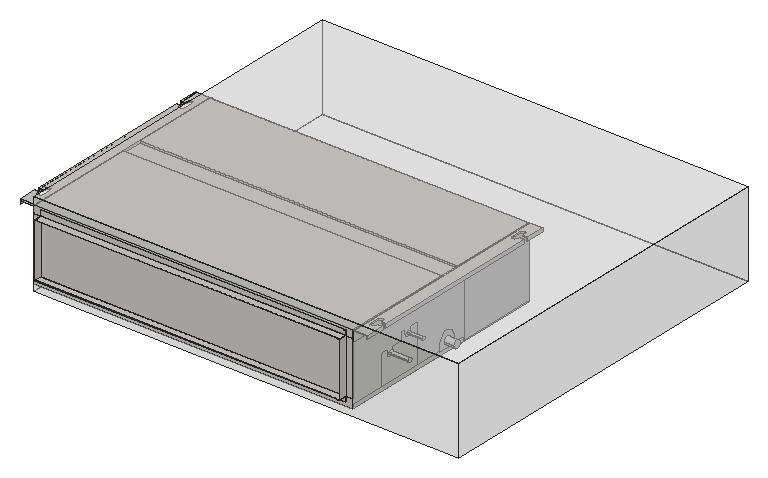
Revit family "outputfile", category 機械設備, Revit 2024
Family settings
  丸型コネクタ寸法 = 半径を使用
  パーツ タイプ = 標準
  OmniClass 番号 = 23.75.10.24.21.27.27
  OmniClass タイトル = Split System Air Conditioning Units
  作業面ベース = いいえ
  常に垂直 = はい
  ロード時にボイドで切り取り = いいえ
  注釈の向きを維持 = いいえ
  共有 = いいえ
  部屋計算ポイント = はい
Parameters (values of type "CDXM25RVM4")
  Description = ""
  書き出し IFC クラス(タイプ) = "IfcUnitaryEquipmentType"
  定義済み IFC タイプ(タイプ) = "AIRCONDITIONINGUNIT"
  Cost = 0
  Type Comments = ""
  Keynote = ""
  Type Image = (empty or 0)
  Assembly Code = ""
  switch_frequency = yes
  ld_powersupply = Depth / 2  # 310.0 mm
  製造元 = "Daikin"
  モデル = "CDXM25RVM4"
  r_Liquid Pipe Size = Liquid Pipe Size / 2  # 3.2 mm
  r_Gas Pipe Size = Gas Pipe Size / 2  # 4.75 mm
  r_Drain Pipe Size = Drain Pipe Size / 2  # 10.0 mm
  lw_powersupply = 50.0 mm  # constant formula
  lw_ductflange2 = 820.0 mm
  lw_Width = 860.0 mm
  lh_suctionflange [instance] = 100.0 mm  # constant formula
  ld_suctionflange [instance] = if(Rear Connection_Return Air, 190.0 mm, 100.0 mm)  # 190.0 mm
  connector_voltage = Voltage_50Hz  # 230 V
  connector_powerinput = if([Power Input (Cooling)] > [Power Input (Heating)], [Power Input (Cooling)], [Power Input (Heating)])  # 0.000 kW
  connector_phase = Phase_50Hz  # 1
  angle_vertical_RA [instance] = if(Rear Connection_Return Air, 90.00°, 0.00°)  # 90.00°
  angle horizontal_RA [instance] = if(Rear Connection_Return Air, 180.00°, 270.00°)  # 180.00°
  Voltage_comment_50Hz = "220 - 240"
  Voltage_50Hz = 230 V
  URL = ""
  Supply Air Direction [instance] = yes
  Sound Power Level_H speed (dB) = 0
  Rear Connection_Return Air [instance] = not(Bottom Connection_Return Air)  # yes
  RA_length [instance] = if(Rear Connection_Return Air, 190.0 mm, 100.0 mm)  # 190.0 mm
  Phase_50Hz = 1
  Minimum External Static Pressure = 0.00 Pa
  Minimum Circuit Amps_50Hz = 0.0 A
  Maximum Fuse Amps_50Hz = 0.0 A
  Maximum External Static Pressure = 40.00 Pa
  Material_Casing = DAIKIN_GalvanizedSteel_Casing_indoorunit
  lw_liquidpipe = 46.0 mm  # constant formula
  lw_gaspipe = 57.0 mm  # constant formula
  lw_mountinghole = 940.0 mm
  lw_drainpipe = 30.0 mm  # constant formula
  lh_powersupply = 150.0 mm  # constant formula
  lh_liquidpipe = 90.0 mm  # constant formula
  lh_gaspipe = 113.0 mm  # constant formula
  lh_mountinghole = Height  # 200.0 mm
  lh_drainpipe = 170.0 mm  # constant formula
  lh_antena = 1.0 mm  # constant formula
  ld_liquidpipe = 193.0 mm  # constant formula
  ld_gaspipe = 130.0 mm  # constant formula
  ld_mountinghole = 500.0 mm  # constant formula
  ld_drainpipe = 330.0 mm  # constant formula
  ld_controlbox = 626.0 mm  # constant formula
  h*** = 0.0 mm  # constant formula
  d_dischargeflange = 21.2 mm  # constant formula
  Width = 900.0 mm
  Version = "ver.1.0"
  Unit Type = "Duct (L.S.P)"
  Unit Mass Weight = 25.00 kg
  Unit Designation [instance] = ""
  Uniclass2015Version = "Products v1.30"
  Uniclass2015Title = "Split coil room air conditioning units"
  Uniclass2015Code = "Pr_70_65_03_86"
  Total Heating Capacity [instance] = 0.000 kW
  Total Cooling Capacity [instance] = 0.000 kW
  Sound Pressure Level_M speed (dBA) = 33
  Sound Pressure Level_L speed (dBA) = 31
  Sound Pressure Level_H speed (dBA) = 35
  Series = "Multi Split_Fan Coil Unit"
  Sensible Cooling Capacity [instance] = 0.000 kW
  SA Duct Size Width = 860.0 mm
  SA Duct Size Height = 153.0 mm
  Refrigerant Type = "R32"
  RA Duct Size Width = 780.0 mm
  RA Duct Size Height = 160.0 mm
  Power Input (Heating) = 0.000 kW
  Power Input (Cooling) = 0.000 kW
  Option Accessory 3 [instance] = ""
  Option Accessory 2 [instance] = ""
  Option Accessory 1 [instance] = ""
  Nominal Heating Capacity = 3.400 kW
  Nominal Cooling Capacity = 2.500 kW
  Minimum Airflow = 480.00 m³/h
  Median Airflow = 528.00 m³/h
  Maximum Airflow = 570.00 m³/h
  Load Classification = HVAC
  Liquid Pipe Size = 6.4 mm
  Link_Nested Family [instance] = ""
  IfcVersion = ""
  IfcExportType = "AIRCONDITIONINGUNIT"
  IfcExportAs = "IfcUnitaryEquipmentType"
  Height = 200.0 mm
  Heating Entering Wet Bulb Temperature [instance] = 0.00 °C
  Heating Entering Dry Bulb Temperature [instance] = 0.00 °C
  Heating Ambient Wet Bulb Temperature [instance] = 0.00 °C
  Heating Ambient Dry Bulb Temperature [instance] = 0.00 °C
  Heat Exchanger Type = "Cross Fin Coil"
  Gas Pipe Size = 9.5 mm
  Frequency_50Hz = 50 Hz
  Fan Type = "Sirocco Fan"
  Fan Drive = "Direct Drive"
  FCU Tag No. [instance] = ""
  Drain Pipe Size = 20.0 mm
  Design Supply Airflow [instance] = 0.00 m³/h
  Design Return Airflow [instance] = 0.00 m³/h
  Design External Static Pressure [instance] = 0.00 Pa
  Depth = 620.0 mm
  既定の高さ = 0.0 mm
  Cooling Entering Wet Bulb Temperature [instance] = 0.00 °C
  Cooling Entering Dry Bulb Temperature [instance] = 0.00 °C
  Cooling Ambient Wet Bulb Temperature [instance] = 0.00 °C
  Cooling Ambient Dry Bulb Temperature [instance] = 0.00 °C
  Clearance visibility [instance] = yes
  Clearance Top = 20.0 mm
  Clearance Right = 300.0 mm
  Clearance Rear = 400.0 mm
  Clearance Left = 0.0 mm
  Clearance Front = 0.0 mm
  Clearance Bottom = 20.0 mm
  Bottom Connection_Return Air [instance] = no
Reference planes
  plane 1 "Center (Front/Back)": y = 0
  plane 2: z = 0
  plane 3 "Center (Left/Right)": x = 0
  plane 4 "Back": y = 310
  plane 5 "Front": y = -310
  plane 6 "Left": x = -450
  plane 7 "Right": x = 450
  plane 8 "Top": z = 0
  plane 9 "Bottom": z = -200
  plane 10: x = -470
  plane 11: x = 470
  plane 12: y = 250
  plane 13: z = 0
  plane 14 "Clearance Left": x = -450
  plane 15 "Clearance Right": x = 750
  plane 16 "Clearance Rear": y = 710
  plane 17 "Clearance Front": y = -310
  plane 18 "Clearance Top": z = 20
  plane 19 "Clearance Bottom": z = -220
  plane 20: y = -250
  plane 21: z = -21
  plane 22: z = -97.5
  plane 23: x = -40
  plane 24: y = 120
  plane 25: z = -100
  plane 26: y = -180
  plane 27: z = -113
  plane 28: y = -117
  plane 29: z = -90
  plane 30: y = 20
  plane 31: z = -170
  plane 32: x = 507
  plane 33: x = 496
  plane 34: x = 480
  plane 35: x = 400
  plane 36: z = -150
Forms (mm)
  Extrusion 1, solid, material "DAIKIN_GalvanizedSteel_Casing_indoorunit" <- "Material_Casing"
    sketch origin (0, 0, 0) x (1, 0, 0) y (0, 1, 0)
      loop
        line (-450, -310) -> (450, -310) -> (450, 310) -> (-450, 310) -> (-450, -310)
    from -200 to 0
  Extrusion 2, void
    sketch origin (0, 0, 1) x (1, 0, 0) y (0, 1, 0)
      loop
        line (-450, 61.5) -> (-450, 3.5) -> (450, 3.5) -> (450, 61.5) -> (-450, 61.5)
    from -1 to -7
  Extrusion 3, solid, material "DAIKIN_GalvanizedSteel_Casing_indoorunit" <- "Material_Casing", visible <- "Bottom Connection_Return Air"
    sketch origin (0, 0, 0) x (1, 0, 0) y (0, 0, 1)
      loop
        line (369, -200) -> (369, -1) -> (-449, -1) -> (-449, -200) -> (369, -200)
    from -310 to -309
  Extrusion 4, solid, material "DAIKIN_GalvanizedSteel_Casing_indoorunit" <- "Material_Casing", visible <- "Rear Connection_Return Air"
    sketch origin (0, 0, 0) x (1, 0, 0) y (0, 1, 0)
      loop
        line (-449, 310) -> (-449, 111) -> (369, 111) -> (369, 310) -> (-449, 310)
    from -200 to -199
  Extrusion 5, solid, material "DAIKIN_GalvanizedSteel_Casing_indoorunit" <- "Material_Casing"
    sketch origin (450, 0, 0) x (0, 1, 0) y (0, 0, 1)
      loop
        circle (-180, -113) r 4.75
    from 0 to 57
  Extrusion 6, solid, material "DAIKIN_GalvanizedSteel_Casing_indoorunit" <- "Material_Casing"
    sketch origin (450, 0, 0) x (0, 1, 0) y (0, 0, 1)
      loop
        circle (-117, -90) r 3.2
    from 0 to 46
  Extrusion 7, solid, material "DAIKIN_GalvanizedSteel_Casing_indoorunit" <- "Material_Casing"
    sketch origin (450, 0, 0) x (0, 1, 0) y (0, 0, 1)
      loop
        circle (20, -170) r 10
    from 0 to 30
  Extrusion 8, solid, material "DAIKIN_GalvanizedSteel_Casing_indoorunit" <- "Material_Casing"
    sketch origin (450, 0, 0) x (0, 1, 0) y (0, 0, 1)
      loop
        line (-310, -200) -> (78.6, -200) -> (78.6, -193)
        arc (78.6, -193) -> (77.721, -190.879) -> (75.6, -190) r 3
        line (75.6, -190) -> (-310, -190) -> (-310, -200)
    from 0 to -1
  Extrusion 9, solid, material "DAIKIN_GalvanizedSteel_Casing_indoorunit" <- "Material_Casing"
    sketch origin (450, 0, 0) x (0, 1, 0) y (0, 0, 1)
      loop
        line (-210, -190) -> (-85.6, -190) -> (-85.6, -83)
        arc (-85.6, -83) -> (-86.479, -80.879) -> (-88.6, -80) r 3
        line (-88.6, -80) -> (-102, -80)
        arc (-102, -80) -> (-104.121, -80.879) -> (-105, -83) r 3
        line (-105, -83) -> (-105, -90)
        arc (-105, -90) -> (-117, -102) -> (-129, -90) r 12
        line (-129, -90) -> (-129, -83)
        arc (-129, -83) -> (-129.879, -80.879) -> (-132, -80) r 3
        line (-132, -80) -> (-136.1, -80)
        arc (-136.1, -80) -> (-138.221, -80.879) -> (-139.1, -83) r 3
        line (-139.1, -83) -> (-139.1, -102.7) -> (-165, -102.7)
        arc (-165, -102.7) -> (-167.121, -103.579) -> (-168, -105.7) r 3
        line (-168, -105.7) -> (-168, -113)
        arc (-168, -113) -> (-180, -125) -> (-192, -113) r 12
        line (-192, -113) -> (-192, -105.7)
        arc (-192, -105.7) -> (-192.879, -103.579) -> (-195, -102.7) r 3
        line (-195, -102.7) -> (-207, -102.7)
        arc (-207, -102.7) -> (-209.121, -103.579) -> (-210, -105.7) r 3
        line (-210, -105.7) -> (-210, -190)
    from 0 to -1
  Extrusion 10, solid, material "DAIKIN_GalvanizedSteel_Casing_indoorunit" <- "Material_Casing"
    sketch origin (450, 0, 0) x (0, 1, 0) y (0, 0, 1)
      loop
        arc (44.5, -170) -> (20, -145.5) -> (-4.5, -170) r 24.5
        line (-4.5, -170) -> (-4.5, -190) -> (44.5, -190) -> (44.5, -170)
    from 0 to -1
  Extrusion 11, solid, material "DAIKIN_GalvanizedSteel_Casing_indoorunit" <- "Material_Casing"
    sketch origin (450, 0, 0) x (0, 1, 0) y (0, 0, 1)
      loop
        arc (86.6, -22) -> (84.479, -22.879) -> (83.6, -25) r 3
        line (83.6, -25) -> (83.6, -194.5)
        arc (83.6, -194.5) -> (84.479, -196.621) -> (86.6, -197.5) r 3
        line (86.6, -197.5) -> (307, -197.5)
        arc (307, -197.5) -> (309.121, -196.621) -> (310, -194.5) r 3
        line (310, -194.5) -> (310, -25)
        arc (310, -25) -> (309.121, -22.879) -> (307, -22) r 3
        line (307, -22) -> (86.6, -22)
    from 0 to -1
Cuts and joins
  Extrusion 2 cuts Extrusion 1
Dimensions and locks
  "Height": plane 8 "Top" to plane 9 "Bottom"
  equal spacing: plane 10, plane 3 "Center (Left/Right)", plane 11
  "lw_mountinghole": plane 10 to plane 11
  equal spacing: plane 6 "Left", plane 3 "Center (Left/Right)", plane 7 "Right"
  "Width": plane 6 "Left" to plane 7 "Right"
  "Clearance Right": plane 7 "Right" to plane 15 "Clearance Right"
  "Clearance Left": plane 14 "Clearance Left" to plane 6 "Left"
  "Clearance Rear": plane 16 "Clearance Rear" to plane 4 "Back"
  "Clearance Front": plane 5 "Front" to plane 17 "Clearance Front"
  "Clearance Top": plane 18 "Clearance Top" to plane 8 "Top"
  "Clearance Bottom": plane 9 "Bottom" to plane 19 "Clearance Bottom"
  "Depth": plane 4 "Back" to plane 5 "Front"
  equal spacing: plane 4 "Back", plane 1 "Center (Front/Back)", plane 5 "Front"
  Extrusion 3 sketch curve to Extrusion 3 sketch curve = 199.0 mm
  locked: plane 20 to plane 5 "Front" at 60
  "ld_mountinghole": plane 12 to plane 20
  locked: plane 8 "Top" to plane 21 at 21
  locked: plane 23 to plane 3 "Center (Left/Right)" at 40
  "ld_suctionflange": plane 4 "Back" to plane 24
  "lh_suctionflange": plane 8 "Top" to plane 25
  "ld_gaspipe": plane 26 to plane 5 "Front"
  "lh_gaspipe": plane 8 "Top" to plane 27
  "ld_liquidpipe": plane 28 to plane 5 "Front"
  "lh_liquidpipe": plane 8 "Top" to plane 29
  "ld_drainpipe": plane 30 to plane 5 "Front"
  "lh_drainpipe": plane 8 "Top" to plane 31
  "lw_gaspipe": plane 7 "Right" to plane 32
  "lw_liquidpipe": plane 7 "Right" to plane 33
  "lw_drainpipe": plane 7 "Right" to plane 34
  "lw_powersupply": plane 35 to plane 7 "Right"
  "lh_powersupply": plane 8 "Top" to plane 36
  "r_Gas Pipe Size": radius of Extrusion 5 sketch curve
  "r_Liquid Pipe Size": radius of Extrusion 6 sketch curve
  "r_Drain Pipe Size": radius of Extrusion 7 sketch curve
  aligned and locked: level to plane 2
  aligned and locked: Extrusion 1 to plane 9 "Bottom"
  aligned and locked: plane 8 "Top" to Extrusion 1
  aligned and locked: plane 11 to nested 2
  aligned and locked: plane 10 to nested 3
  aligned and locked: plane 10 to nested 4
  aligned and locked: plane 8 "Top" to Extrusion 2
  aligned and locked: plane 9 "Bottom" to Extrusion 4  (x2)
  aligned and locked: plane 7 "Right" to cut or joined group of Extrusion 1, Extrusion 2  (x2)
  aligned and locked: plane 3 "Center (Left/Right)" to nested 9
  aligned and locked: plane 6 "Left" to nested 7
  aligned and locked: plane 8 "Top" to nested 9
  aligned and locked: plane 11 to nested 1
  aligned and locked: nested 6 to plane 1 "Center (Front/Back)"
  aligned and locked: plane 3 "Center (Left/Right)" to nested 6
  aligned and locked: level to plane 8 "Top"
  aligned and locked: plane 1 "Center (Front/Back)" to nested 9
  aligned and locked: plane 5 "Front" to nested 10
  aligned and locked: Extrusion 1 sketch curve to plane 5 "Front"
  aligned and locked: plane 21 to nested 10
  aligned and locked: nested 5 to plane 5 "Front"
  aligned and locked: plane 3 "Center (Left/Right)" to nested 5
  aligned and locked: plane 22 to nested 5
  aligned and locked: Extrusion 2 sketch curve to plane 6 "Left"
  aligned and locked: plane 7 "Right" to Extrusion 2 sketch curve
  aligned and locked: nested 11 to plane 23
  aligned and locked: nested 11 to plane 24
  aligned and locked: plane 27 to Extrusion 5 sketch curve
  aligned and locked: plane 26 to Extrusion 5 sketch curve
  aligned and locked: plane 28 to Extrusion 6 sketch curve
  aligned and locked: plane 29 to Extrusion 6 sketch curve
  aligned and locked: plane 31 to Extrusion 7 sketch curve
  aligned and locked: plane 30 to Extrusion 7 sketch curve
  aligned and locked: plane 26 to nested 12
  aligned and locked: nested 12 to plane 27
  aligned and locked: plane 32 to Extrusion 5
  aligned and locked: plane 32 to nested 12
  aligned and locked: plane 33 to Extrusion 6
  aligned and locked: plane 28 to nested 13
  aligned and locked: nested 13 to plane 29
  aligned and locked: plane 33 to nested 13
  aligned and locked: plane 34 to Extrusion 7
  aligned and locked: plane 30 to nested 14
  aligned and locked: nested 14 to plane 31
  aligned and locked: plane 34 to nested 14
  aligned and locked: Extrusion 8 sketch curve to plane 9 "Bottom"
  aligned and locked: Extrusion 8 sketch curve to plane 5 "Front"
  aligned and locked: plane 14 "Clearance Left" to nested 15
  aligned and locked: plane 15 "Clearance Right" to nested 15
  aligned and locked: plane 16 "Clearance Rear" to nested 15
  aligned and locked: nested 15 to plane 17 "Clearance Front"
  aligned and locked: nested 15 to plane 18 "Clearance Top"
  aligned and locked: nested 15 to plane 19 "Clearance Bottom"
  aligned and locked: nested 16 to plane 35
  aligned and locked: nested 16 to plane 36
  aligned and locked: plane 4 "Back" to nested 16
Automatic sketch dimensions
  Extrusion 1 sketch curve to plane 4 "Back" = 0.0 mm
  Extrusion 1 sketch curve to plane 6 "Left" = 0.0 mm
  Extrusion 1 sketch curve to plane 7 "Right" = 0.0 mm
  Extrusion 4 sketch curve to plane 4 "Back" = 0.0 mm
  plane 6 "Left" to Extrusion 3 sketch curve = 1.0 mm
  plane 6 "Left" to Extrusion 4 sketch curve = 1.0 mm
  Extrusion 4 sketch curve to plane 1 "Center (Front/Back)" = 111.0 mm
  Extrusion 3 sketch curve to plane 9 "Bottom" = 0.0 mm
  Extrusion 3 sketch curve to plane 7 "Right" = 81.0 mm
  Extrusion 4 sketch curve to plane 7 "Right" = 81.0 mm
  Extrusion 2 sketch curve to plane 1 "Center (Front/Back)" = 3.5 mm
  Extrusion 2 sketch curve to Extrusion 2 sketch curve = 58.0 mm
  plane 9 "Bottom" to Extrusion 8 sketch curve = 7.0 mm
  Extrusion 8 sketch curve to plane 24 = 44.4 mm
  Extrusion 8 sketch curve to Extrusion 8 sketch curve = 3.0 mm
  Extrusion 9 sketch curve to plane 27 = 0.0 mm
  Extrusion 9 sketch curve to plane 26 = 0.0 mm
  Extrusion 9 sketch curve to plane 29 = 0.0 mm
  Extrusion 9 sketch curve to plane 28 = 0.0 mm
  Extrusion 9 sketch curve to plane 26 = 12.0 mm
  Extrusion 9 sketch curve to plane 25 = 2.7 mm  (x2)
  Extrusion 9 sketch curve to Extrusion 9 sketch curve = 3.0 mm  (x6)
  Extrusion 9 sketch curve to Extrusion 9 sketch curve = 12.0 mm
  plane 9 "Bottom" to Extrusion 9 sketch curve = 10.0 mm
  Extrusion 9 sketch curve to plane 26 = 30.0 mm
  Extrusion 9 sketch curve to plane 28 = 22.1 mm
  Extrusion 9 sketch curve to Extrusion 9 sketch curve = 4.1 mm
  plane 29 to Extrusion 9 sketch curve = 7.0 mm  (x2)
  Extrusion 9 sketch curve to Extrusion 9 sketch curve = 13.4 mm
  Extrusion 10 sketch curve to plane 30 = 0.0 mm
  Extrusion 10 sketch curve to plane 31 = 0.0 mm
  plane 1 "Center (Front/Back)" to Extrusion 10 sketch curve = 4.5 mm
  plane 9 "Bottom" to Extrusion 10 sketch curve = 10.0 mm
  Extrusion 11 sketch curve to plane 4 "Back" = 0.0 mm
  Extrusion 11 sketch curve to Extrusion 11 sketch curve = 3.0 mm  (x3)
  Extrusion 11 sketch curve to plane 21 = 1.0 mm
  Extrusion 11 sketch curve to plane 21 = 4.0 mm
  Extrusion 11 sketch curve to plane 24 = 33.4 mm
  plane 9 "Bottom" to Extrusion 11 sketch curve = 5.5 mm
Nested families
  nested 1: "daikin_mountinghole" at (470, 250, -200), l_antenna <- "lh_antena", Link_Nested Family <- "Link_Nested Family", h_mountinghole <- "lh_mountinghole", type "daikin_mountinghole"
    with show yes, l_antenna 1.0 mm, h_mountinghole 200.0 mm, Link_Nested Family ""
  nested 2: "daikin_mountinghole" at (470, -250, -200), Link_Nested Family <- "Link_Nested Family", l_antenna <- "lh_antena", h_mountinghole <- "lh_mountinghole", type "daikin_mountinghole"
    with show yes, l_antenna 1.0 mm, h_mountinghole 200.0 mm, Link_Nested Family ""
  nested 3: "daikin_mountinghole" at (-470, -250, -200), l_antenna <- "lh_antena", Link_Nested Family <- "Link_Nested Family", h_mountinghole <- "lh_mountinghole", type "daikin_mountinghole"
    with show yes, l_antenna 1.0 mm, h_mountinghole 200.0 mm, Link_Nested Family ""
  nested 4: "daikin_mountinghole" at (-470, 250, -200), l_antenna <- "lh_antena", Link_Nested Family <- "Link_Nested Family", h_mountinghole <- "lh_mountinghole", type "daikin_mountinghole"
    with show yes, l_antenna 1.0 mm, h_mountinghole 200.0 mm, Link_Nested Family ""
  nested 5: "daikin_connector_rotate2" at (0, -310, -97.5), length <- "d_dischargeflange", type "daikin_connector_rotate2"
    with radius 10.0 mm, length 21.2 mm, angle_vertical 90.00°, show_face no
  nested 6: "daikin_△_symbolicline" at (-75, -129.904, 200) x (-0.5, 0.866, 0) z (0, 0, 1), built-in parameter 1001364 <- "Height", visible <- "Supply Air Direction", type "daikin_△_symbolicline"
    with length 300.0 mm
  nested 7: "daikin_ductflange_CDXM-RVM4_1" at (-40, 310, -100), visible <- "Rear Connection_Return Air", material <- "Material_Casing", width <- "lw_ductflange2", type "daikin_ductflange_CDXM-RVM4_1"
    with width 820.0 mm, material DAIKIN_GalvanizedSteel_Casing_indoorunit, height 180.0 mm, depth 21.2 mm
  nested 8: "daikin_ductflange_CDXM-RVM4_1" at (-40, 210, -200) x (1, 0, 0) z (0, 1, 0), visible <- "Bottom Connection_Return Air", material <- "Material_Casing", width <- "lw_ductflange2", type "daikin_ductflange_CDXM-RVM4_1"
    with width 820.0 mm, material DAIKIN_GalvanizedSteel_Casing_indoorunit, height 180.0 mm, depth 21.2 mm
  nested 9: "daikin_hangerfixture_CDXM-RVM4" at (0, 0, 0), type "daikin_hangerfixture_CDXM-RVM4"
    with width 900.0 mm
  nested 10: "daikin_ductflange_CDXM-RVM4" at (0, 3.5, -364.201), width <- "lw_Width", material <- "Material_Casing", type "daikin_ductflange_CDXM-RVM4"
    with width 860.0 mm, material DAIKIN_GalvanizedSteel_Casing_indoorunit, height 155.0 mm, depth 21.2 mm
  nested 11: "daikin_connector_rotate3" at (-40, 120, -100), length <- "RA_length", angle_vertical <- "angle_vertical_RA", angle_horizontal <- "angle horizontal_RA", type "daikin_connector_rotate3"
    with show no, radius 10.0 mm, length 190.0 mm, angle_vertical 90.00°, angle_horizontal 180.00°
  nested 12: "daikin_connector_rotate2" at (450, -180, -113) x (0, 1, 0) z (0, 0, 1), length <- "lw_gaspipe", radius <- "r_Gas Pipe Size", type "daikin_connector_rotate2"
    with radius 4.75 mm, length 57.0 mm, angle_vertical 90.00°, show_face no
  nested 13: "daikin_connector_rotate2" at (450, -117, -90) x (0, 1, 0) z (0, 0, 1), radius <- "r_Liquid Pipe Size", length <- "lw_liquidpipe", type "daikin_connector_rotate2"
    with radius 3.2 mm, length 46.0 mm, angle_vertical 90.00°, show_face no
  nested 14: "daikin_connector_rotate2" at (450, 20, -170) x (0, 1, 0) z (0, 0, 1), radius <- "r_Drain Pipe Size", length <- "lw_drainpipe", type "daikin_connector_rotate2"
    with radius 10.0 mm, length 30.0 mm, angle_vertical 90.00°, show_face no
  nested 15: "daikin_clearancespace" at (150, 200, -99.881), visible <- "Clearance visibility", Link_Nested Family <- "Link_Nested Family", show <- "Clearance visibility", type "daikin_clearancespace"
    with width 1200.0 mm, show yes, height 240.0 mm, depth 1020.0 mm, Link_Nested Family ""
  nested 16: "daikin_connector_rotate2" at (400, 0, -150) x (-1, 0, 0) z (0, 0, 1), length <- "ld_powersupply", type "daikin_connector_rotate2"
    with radius 10.0 mm, length 310.0 mm, angle_vertical 90.00°, show_face no
Connectors
  hvac at (0, -331.2, -97.5), driven by "SA Duct Size Height", driven by "SA Duct Size Width"
    settings: on nested 5, index 1, duct flow 0.00 m³/h, flow factor 0, pres drop 0.00 Pa, loss coef 0, conn angle 0.00°, conn width 860.0 mm, conn height 153.0 mm, conn diameter 609.6 mm, duct sys type 1, conn prof type 1, flow config 0, flow direction 2, loss method 4, conn ref index -1, conn util no, is conn primary yes, conn desc "SA Duct"
  hvac at (-40, 310, -100), driven by "RA Duct Size Height", driven by "RA Duct Size Width"
    settings: on nested 11, index 2, duct flow 0.00 m³/h, flow factor 0, pres drop 0.00 Pa, loss coef 0, conn angle 0.00°, conn width 780.0 mm, conn height 160.0 mm, conn diameter 609.6 mm, duct sys type 2, conn prof type 1, flow config 0, flow direction 1, loss method 4, conn ref index -1, conn util no, is conn primary no, conn desc "RA Duct"
  piping at (507, -180, -113), diameter 9.5, driven by "r_Gas Pipe Size"
    settings: on nested 12, index 3, connector inside diameter 609.6 mm, connector length 0.0 mm, flow factor 0, pipe flow 0.00 m³/h, pressure drop 0.0 Pa, fitting loss kfactor 0, connector angle 0.00°, fixture units 0, engagement length 0.0 mm, angle of deflection 0.00°, flow configuration 1, flow direction 2, fitting loss method 0, system type 29, joint type 0, gender type 0, connector reference index -1, connector utility 0, adjustable connector no, is connector primary yes, connector description "Refrigerant Gas Piping"
  piping at (496, -117, -90), diameter 6.4, driven by "r_Liquid Pipe Size"
    settings: on nested 13, index 4, connector inside diameter 609.6 mm, connector length 0.0 mm, flow factor 0, pipe flow 0.00 m³/h, pressure drop 0.0 Pa, fitting loss kfactor 0, connector angle 0.00°, fixture units 0, engagement length 0.0 mm, angle of deflection 0.00°, flow configuration 1, flow direction 1, fitting loss method 0, system type 29, joint type 0, gender type 0, connector reference index -1, connector utility 0, adjustable connector no, is connector primary no, connector description "Refrigerant Liquid Piping"
  piping at (480, 20, -170), diameter 20, driven by "r_Drain Pipe Size"
    settings: on nested 14, index 5, connector inside diameter 609.6 mm, connector length 0.0 mm, flow factor 0, pipe flow 0.00 m³/h, pressure drop 0.0 Pa, fitting loss kfactor 0, connector angle 0.00°, fixture units 0, engagement length 0.0 mm, angle of deflection 0.00°, flow configuration 1, flow direction 2, fitting loss method 4, system type 16, joint type 0, gender type 0, connector reference index -1, connector utility 0, adjustable connector no, is connector primary no, connector description "Condensate Drain Piping"
  electrical at (400, 310, -150), driven by "Load Classification", driven by "connector_phase", driven by "connector_voltage", driven by "connector_powerinput"
    settings: on nested 16, index 6, voltage 230 V, apparent load 0 VA, apparent load phase1 0 VA, apparent load phase2 0 VA, apparent load phase3 0 VA, power factor 1, load classification "HVAC", number of poles 1, system type 30, power factor state 1, is connector primary yes, connector utility no, sub classification motor no, connector description "Power Supply"
Definition of nested family "daikin_ductflange_CDXM-RVM4_1"
  Parameters (values of type "daikin_ductflange_CDXM-RVM4_1")
    width [instance] = 620.0 mm
    material [instance] = none
    height [instance] = 180.0 mm
    depth [instance] = 21.2 mm
    Default Elevation = 0.0 mm
  Reference planes
    plane 1 "Center (Front/Back)": y = 0
    plane 2: z = 0
    plane 3 "Center (Left/Right)": x = 0
    plane 4: x = -310
    plane 5: x = 310
    plane 6: z = 90
    plane 7: z = -90
    plane 8: z = 100
    plane 9: z = -100
    plane 10: x = -309
    plane 11: x = 309
  Forms (mm)
    Extrusion 1, solid, material <- "material"
      sketch origin (0, 0, 0) x (1, 0, 0) y (0, 0, 1)
        loop
          line (-290, 80) -> (-290, -80) -> (290, -80) -> (290, 80) -> (-290, 80)
        loop
          line (-309, -99) -> (309, -99) -> (309, 99) -> (-309, 99) -> (-309, -99)
      from 0 to 1
  Dimensions and locks
    equal spacing: plane 5, plane 3 "Center (Left/Right)", plane 4, locked at 310 each
    "width": plane 5 to plane 4
    equal spacing: plane 6, level, plane 7, locked at 90 each
    "height": plane 6 to plane 7
    equal spacing: plane 8, level, plane 9, locked at 100 each
    locked: plane 8 to plane 9 at 200
    plane 10 to plane 4 = 1.0 mm
    locked: plane 5 to plane 11 at 1
    locked: Extrusion 1 sketch curve to Extrusion 1 sketch curve at 19  (x4)
    locked: plane 8 to Extrusion 1 sketch curve at 1
    locked: Extrusion 1 sketch curve to plane 9 at 1
    aligned and locked: level to plane 2
  Automatic sketch dimensions
    plane 4 to Extrusion 1 sketch curve = 1.0 mm
    Extrusion 1 sketch curve to plane 5 = 1.0 mm
Definition of nested family "daikin_hangerfixture_CDXM-RVM4"
  Parameters (values of type "daikin_hangerfixture_CDKS-EAVMA")
    width = 700.0 mm
    material = none
    height = 30.0 mm
    depth = 618.0 mm
    Default Elevation = 0.0 mm
  Reference planes
    plane 1 "Center (Front/Back)": y = 0
    plane 2: z = 0
    plane 3 "Center (Left/Right)": x = 0
    plane 4: x = 350
    plane 5: y = 309
    plane 6: y = -309
    plane 7: x = -350
    plane 8: z = -30
  Forms (mm)
    Extrusion 1, solid, material <- "material"
      sketch origin (0, 0, 0) x (1, 0, 0) y (0, 0, 1)
        loop
          line (350, 0) -> (350, -30) -> (352.3, -30) -> (352.3, -2.3) -> (387.7, -2.3) -> (387.7, -10) -> (390, -10) -> (390, 0) -> (350, 0)
      from -309 to 309
    Extrusion 2, void
      sketch origin (0, 0, 0) x (0, 1, 0) y (0, 0, 1)
        loop
          line (309, -30) -> (309, -17.979) -> (87.935, -17.979) -> (75.914, -30) -> (309, -30)
      from 0 to 450
    Extrusion 3, void
      sketch origin (0, 0, 0) x (1, 0, 0) y (0, 1, 0)
        loop
          line (390, -243.5) -> (377, -243.5) -> (377, -237)
          arc (377, -237) -> (370, -230) -> (363, -237) r 7
          line (363, -237) -> (363, -263)
          arc (363, -263) -> (370, -270) -> (377, -263) r 7
          line (377, -263) -> (377, -256.5) -> (390, -256.5) -> (390, -243.5)
        loop
          line (390, 243.5) -> (390, 256.5) -> (377, 256.5) -> (377, 263)
          arc (377, 263) -> (370, 270) -> (363, 263) r 7
          line (363, 263) -> (363, 237)
          arc (363, 237) -> (370, 230) -> (377, 237) r 7
          line (377, 237) -> (377, 243.5) -> (390, 243.5)
      from -254.96 to 618
    Extrusion 4, solid, material <- "material"
      sketch origin (0, 0, 0) x (-1, 0, 0) y (0, 0, -1)
        loop
          line (350, 0) -> (390, 0) -> (390, 10) -> (387.7, 10) -> (387.7, 2.3) -> (352.3, 2.3) -> (352.3, 30) -> (350, 30) -> (350, 0)
      from -309 to 309
    Extrusion 5, void
      sketch origin (0, 0, 0) x (-1, 0, 0) y (0, -1, 0)
        loop
          line (390, 243.5) -> (390, 256.5) -> (377, 256.5) -> (377, 263)
          arc (377, 263) -> (370, 270) -> (363, 263) r 7
          line (363, 263) -> (363, 237)
          arc (363, 237) -> (370, 230) -> (377, 237) r 7
          line (377, 237) -> (377, 243.5) -> (390, 243.5)
        loop
          line (390, -243.5) -> (377, -243.5) -> (377, -237)
          arc (377, -237) -> (370, -230) -> (363, -237) r 7
          line (363, -237) -> (363, -263)
          arc (363, -263) -> (370, -270) -> (377, -263) r 7
          line (377, -263) -> (377, -256.5) -> (390, -256.5) -> (390, -243.5)
      from -254.96 to 618
  Cuts and joins
    Extrusion 2, Extrusion 3, Extrusion 5 cuts Extrusion 1
    Extrusion 5 cuts Extrusion 4
  Dimensions and locks
    equal spacing: plane 5, plane 1 "Center (Front/Back)", plane 6
    "depth": plane 5 to plane 6
    plane 6 to plane 1 "Center (Front/Back)" to plane 5 = 309.0 mm, 309.0 mm
    equal spacing: plane 4, plane 3 "Center (Left/Right)", plane 7
    "width": plane 4 to plane 7
    "height": level to plane 8
    aligned and locked: level to plane 2
    aligned and locked: plane 5 to Extrusion 1
    aligned and locked: Extrusion 1 to plane 6
    aligned and locked: Extrusion 1 to plane 4
    aligned and locked: plane 5 to cut or joined group of Extrusion 1, Extrusion 2, Extrusion 3, Extrusion 5
    aligned and locked: cut or joined group of Extrusion 1, Extrusion 2, Extrusion 3, Extrusion 5 to plane 6
    aligned and locked: level to cut or joined group of Extrusion 1, Extrusion 2, Extrusion 3, Extrusion 5
    aligned and locked: cut or joined group of Extrusion 1, Extrusion 2, Extrusion 3, Extrusion 5 to plane 8
    aligned and locked: plane 5 to cut or joined group of Extrusion 4, Extrusion 5
    aligned and locked: cut or joined group of Extrusion 4, Extrusion 5 to plane 6
  Automatic sketch dimensions
    Extrusion 1 sketch curve to plane 4 = 0.0 mm
    Extrusion 1 sketch curve to plane 8 = 0.0 mm
    Extrusion 1 sketch curve to level = 0.0 mm
    plane 4 to Extrusion 1 sketch curve = 2.3 mm
    Extrusion 1 sketch curve to level = 2.3 mm
    Extrusion 1 sketch curve to Extrusion 1 sketch curve = 35.4 mm
    Extrusion 1 sketch curve to Extrusion 1 sketch curve = 2.3 mm
    Extrusion 1 sketch curve to Extrusion 1 sketch curve = 7.7 mm
    Extrusion 2 sketch curve to plane 8 = 0.0 mm
    Extrusion 2 sketch curve to plane 5 = 0.0 mm
    plane 8 to Extrusion 2 sketch curve = 12.021 mm
    Extrusion 2 sketch curve to plane 1 "Center (Front/Back)" = 87.935 mm
    Extrusion 2 sketch curve to Extrusion 2 sketch curve = 12.021 mm
    plane 4 to Extrusion 3 sketch curve = 13.0 mm  (x2)
    Extrusion 3 sketch curve to Extrusion 3 sketch curve = 7.0 mm  (x4)
    Extrusion 3 sketch curve to Extrusion 3 sketch curve = 13.0 mm  (x4)
    plane 6 to Extrusion 3 sketch curve = 46.0 mm
    Extrusion 3 sketch curve to Extrusion 3 sketch curve = 6.5 mm  (x4)
    Extrusion 3 sketch curve to plane 5 = 72.0 mm
    Extrusion 4 sketch curve to plane 7 = 0.0 mm
    Extrusion 4 sketch curve to plane 8 = 0.0 mm
    Extrusion 4 sketch curve to level = 0.0 mm
    Extrusion 4 sketch curve to plane 7 = 2.3 mm
    Extrusion 4 sketch curve to level = 2.3 mm
    Extrusion 4 sketch curve to Extrusion 4 sketch curve = 35.4 mm
    Extrusion 4 sketch curve to Extrusion 4 sketch curve = 2.3 mm
    Extrusion 4 sketch curve to Extrusion 4 sketch curve = 7.7 mm
    Extrusion 5 sketch curve to plane 7 = 13.0 mm  (x2)
    Extrusion 5 sketch curve to Extrusion 5 sketch curve = 7.0 mm  (x4)
    Extrusion 5 sketch curve to Extrusion 5 sketch curve = 13.0 mm  (x4)
    Extrusion 5 sketch curve to plane 5 = 46.0 mm
    Extrusion 5 sketch curve to Extrusion 5 sketch curve = 6.5 mm  (x4)
    plane 6 to Extrusion 5 sketch curve = 72.0 mm
Definition of nested family "daikin_ductflange_CDXM-RVM4"
  Parameters (values of type "daikin_ductflange_FXDQ-NDVET")
    width [instance] = 660.0 mm
    material [instance] = none
    height [instance] = 155.0 mm
    depth [instance] = 21.2 mm
    Default Elevation = 0.0 mm
  Reference planes
    plane 1 "Center (Front/Back)": y = 0
    plane 2: z = 189.201
    plane 3 "Center (Left/Right)": x = 0
    plane 4: y = -313.5
    plane 5: x = -330
    plane 6: x = 330
    plane 7: y = -334.7
    plane 8: z = 344.201
    plane 9: z = 266.701
    plane 10: z = 343.201
    plane 11: z = 190.201
  Forms (mm)
    Extrusion 1, solid, material <- "material"
      sketch origin (0, 0, 189.201) x (1, 0, 0) y (0, 1, 0)
        loop
          line (-330, -334.7) -> (-330, -313.5) -> (-350, -313.5) -> (-350, -314.5) -> (-331, -314.5) -> (-331, -334.7) -> (-330, -334.7)
        loop
          line (330, -334.7) -> (331, -334.7) -> (331, -314.5) -> (350, -314.5) -> (350, -313.5) -> (330, -313.5) -> (330, -334.7)
      from 1 to 154
    Extrusion 2, solid, material <- "material"
      sketch origin (0, 0, 0) x (0, 1, 0) y (0, 0, 1)
        loop
          line (-313.5, 343.201) -> (-313.5, 358.201) -> (-314.5, 358.201) -> (-314.5, 344.201) -> (-334.7, 344.201) -> (-334.7, 343.201) -> (-313.5, 343.201)
        loop
          line (-313.5, 190.201) -> (-334.7, 190.201) -> (-334.7, 189.201) -> (-314.5, 189.201) -> (-314.5, 175.201) -> (-313.5, 175.201) -> (-313.5, 190.201)
      from -330 to 330
  Dimensions and locks
    plane 4 to plane 1 "Center (Front/Back)" = 313.5 mm
    "depth": plane 7 to plane 4
    equal spacing: plane 8, plane 9, level
    "height": plane 8 to level
    equal spacing: plane 6, plane 3 "Center (Left/Right)", plane 5
    "width": plane 6 to plane 5
    locked: plane 8 to plane 10 at 1
    locked: plane 11 to level at 1
    locked: Extrusion 1 to Extrusion 2 sketch curve at 1
    locked: Extrusion 2 sketch curve to Extrusion 1 at 1
    plane 10 to plane 11 = 153.0 mm
    aligned and locked: level to plane 2
    aligned and locked: Extrusion 2 to plane 5
    aligned and locked: Extrusion 2 to plane 11
    aligned and locked: Extrusion 2 to plane 10
    aligned and locked: plane 6 to Extrusion 2
    aligned and locked: plane 5 to Extrusion 2  (x2)
    aligned and locked: plane 5 to Extrusion 1  (x2)
    aligned and locked: Extrusion 1 to plane 6
    aligned and locked: plane 6 to Extrusion 1
    aligned and locked: Extrusion 1 to plane 10
  Automatic sketch dimensions
    Extrusion 2 sketch curve to plane 7 = 0.0 mm  (x2)
    Extrusion 2 sketch curve to plane 4 = 0.0 mm  (x2)
    Extrusion 2 sketch curve to plane 11 = 0.0 mm
    Extrusion 2 sketch curve to plane 10 = 0.0 mm
    Extrusion 2 sketch curve to plane 4 = 1.0 mm  (x2)
    Extrusion 2 sketch curve to level = 14.0 mm
    plane 8 to Extrusion 2 sketch curve = 14.0 mm
    Extrusion 1 sketch curve to plane 4 = 0.0 mm  (x2)
    Extrusion 1 sketch curve to plane 7 = 0.0 mm  (x2)
    Extrusion 1 sketch curve to plane 5 = 0.0 mm
    Extrusion 1 sketch curve to plane 6 = 0.0 mm
    Extrusion 1 sketch curve to plane 5 = 1.0 mm
    Extrusion 1 sketch curve to Extrusion 1 sketch curve = 19.0 mm  (x2)
    Extrusion 1 sketch curve to Extrusion 1 sketch curve = 1.0 mm
    Extrusion 1 sketch curve to plane 4 = 1.0 mm  (x2)
Definition of nested family "daikin_clearancespace"
  Parameters (values of type "daikin_clearancespace")
    Description = "daikin_clearancespace"
    width [instance] = 1823.963 mm
    show [instance] = yes
    material = none
    height [instance] = 1359.762 mm
    depth [instance] = 880.0 mm
    Default Elevation = 0.0 mm
    Link_Nested Family [instance] = ""
  Reference planes
    plane 1 "Center (Front/Back)": y = 0
    plane 2 "Center (Elevation)": z = -0.119
    plane 3 "Center (Left/Right)": x = 0
    plane 4: y = 440
    plane 5: y = -440
    plane 6 "Right": x = 911.982
    plane 7 "Left": x = -911.982
    plane 8 "Top": z = 679.762
    plane 9 "Bottom": z = -680
  Forms (mm)
    Extrusion 1, solid, material <- "material", visible <- "show"
      sketch origin (0, 0, 0) x (1, 0, 0) y (0, 1, 0)
        loop
          line (-911.982, 440) -> (-911.982, -440) -> (911.982, -440) -> (911.982, 440) -> (-911.982, 440)
      from -680 to 679.762
  Lines and regions (mm)
    symbolic lines, visible <- "show"
      curve 1: line (911.982, 440, 0) -> (-911.982, 440, 0)
      curve 2: line (-911.982, 440, 0) -> (-911.982, -440, 0)
      curve 3: line (-911.982, -440, 0) -> (911.982, -440, 0)
      curve 4: line (911.982, -440, 0) -> (911.982, 440, 0)
      curve 5: line (911.982, 0, 679.762) -> (-911.982, 0, 679.762)
      curve 6: line (911.982, 0, -680) -> (911.982, 0, 679.762)
      curve 7: line (-911.982, 0, -680) -> (911.982, 0, -680)
      curve 8: line (-911.982, 0, 679.762) -> (-911.982, 0, -680)
      curve 9: line (0, 440, 679.762) -> (0, -440, 679.762)
      curve 10: line (0, -440, 679.762) -> (0, -440, -680)
      curve 11: line (0, 440, -680) -> (0, 440, 679.762)
      curve 12: line (0, -440, -680) -> (0, 440, -680)
  Dimensions and locks
    "width": plane 7 "Left" to plane 6 "Right"
    "depth": plane 4 to plane 5
    "height": plane 8 "Top" to plane 9 "Bottom"
    equal spacing: plane 7 "Left", plane 3 "Center (Left/Right)", plane 6 "Right"
    equal spacing: plane 4, plane 1 "Center (Front/Back)", plane 5
    equal spacing: plane 8 "Top", plane 2 "Center (Elevation)", plane 9 "Bottom"
    aligned and locked: level to plane 2 "Center (Elevation)"
    aligned and locked: Extrusion 1 sketch curve to plane 4
    aligned and locked: plane 7 "Left" to Extrusion 1 sketch curve
    aligned and locked: Extrusion 1 sketch curve to plane 5
    aligned and locked: Extrusion 1 sketch curve to plane 6 "Right"
    aligned and locked: plane 8 "Top" to Extrusion 1
    aligned and locked: curve 1 to Extrusion 1
    aligned and locked: curve 2 to Extrusion 1
    aligned and locked: curve 3 to Extrusion 1
    aligned and locked: curve 4 to Extrusion 1
    aligned and locked: curve 5 to Extrusion 1
    aligned and locked: curve 6 to Extrusion 1
    aligned and locked: curve 7 to Extrusion 1
    aligned and locked: curve 8 to Extrusion 1
    aligned and locked: curve 9 to Extrusion 1
    aligned and locked: curve 10 to Extrusion 1
    aligned and locked: curve 11 to Extrusion 1
    aligned and locked: curve 12 to Extrusion 1
    aligned and locked: Extrusion 1 to plane 9 "Bottom"
Definition of nested family "daikin_mountinghole"
  Parameters (values of type "daikin_mountinghole")
    Default Elevation = 1219.2 mm
    Type Comments = "mountinghole"
    show [instance] = yes
    material = none
    l_centerline = 100.0 mm
    l_antenna [instance] = 100.0 mm
    h_mountinghole [instance] = 0.0 mm
    d_circle = 30.0 mm
    Link_Nested Family [instance] = ""
  Reference planes
    plane 1 "Center (Front/Back)": y = 0
    plane 2: z = 0
    plane 3 "Center (Left/Right)": x = 0
    plane 4: y = 50
    plane 5: x = -50
    plane 6: x = 50
    plane 7: y = -50
    plane 8 "h_mountinghole": z = 0
    plane 9: z = 100
  Lines and regions (mm)
    model lines, detail levels fine
      curve 1: circle (0, 0, 0) r 15 normal (0, 0, 1)
      curve 2: line (-50, 0, 0) -> (50, 0, 0)
      curve 3: line (0, 50, 0) -> (0, -50, 0)
    symbolic lines, detail levels fine
      curve 4: circle (0, 0, 0) r 15 normal (0, 0, 1)
      curve 5: line (-50, 0, 0) -> (50, 0, 0)
      curve 6: line (0, 50, 0) -> (0, -50, 0)
    model lines
      curve 7: line (0, 0, 100) -> (0, 0, 0)
  Dimensions and locks
    equal spacing: plane 4, plane 1 "Center (Front/Back)", plane 7
    "l_centerline": plane 4 to plane 7
    equal spacing: plane 5, plane 3 "Center (Left/Right)", plane 6
    "l_centerline": plane 5 to plane 6
    "l_antenna": plane 9 to plane 8 "h_mountinghole"
    "h_mountinghole": plane 8 "h_mountinghole" to plane 2
    "d_circle": diameter of curve 1
    "d_circle": diameter of curve 4
    aligned and locked: level to plane 2
    aligned and locked: plane 1 "Center (Front/Back)" to curve 1
    aligned and locked: plane 3 "Center (Left/Right)" to curve 1
    aligned and locked: plane 1 "Center (Front/Back)" to curve 2
    aligned and locked: curve 3 to plane 3 "Center (Left/Right)"
    aligned and locked: plane 6 to curve 2
    aligned and locked: plane 5 to curve 2
    aligned and locked: plane 4 to curve 3
    aligned and locked: plane 7 to curve 3
    aligned and locked: plane 1 "Center (Front/Back)" to curve 4
    aligned and locked: plane 3 "Center (Left/Right)" to curve 4
    aligned and locked: plane 6 to curve 5
    aligned and locked: plane 5 to curve 5
    aligned and locked: plane 1 "Center (Front/Back)" to curve 5
    aligned and locked: plane 4 to curve 6
    aligned and locked: plane 7 to curve 6
    aligned and locked: curve 6 to plane 3 "Center (Left/Right)"
    aligned and locked: curve 7 to plane 3 "Center (Left/Right)"
    aligned and locked: plane 9 to curve 7
    aligned and locked: plane 8 "h_mountinghole" to curve 7
Definition of nested family "daikin_connector_rotate2"
  Parameters (values of type "daikin_connector_rotate2")
    show_face = yes
    radius [instance] = 10.0 mm
    length [instance] = 600.0 mm
    d_surface = 10.0 mm
    angle_vertical [instance] = 90.00°
    Default Elevation = 0.0 mm
  Reference planes
    plane 1 "Center (Front/Back)": y = 0
    plane 2: z = 0
    plane 3 "Center (Left/Right)": x = 0
  Forms (mm)
    Extrusion 1, solid, visible <- "show_face"
      sketch origin (0, -600, 0) x (1, 0, 0) y (0, 0, 1)
        loop
          circle (0, 0) r 10
      from 0 to -10
  Lines and regions (mm)
    reference lines
      curve 1: line (0, 0, 0) -> (0, -600, 0)
    symbolic lines
      curve 2: circle (0, 0, 0) r 5 normal (0, 0, 1)
    model lines, visible <- "show_face"
      curve 3: line (0, 0, 0) -> (0, -600, 0)
  Dimensions and locks
    "length": curve 1 to curve 1
    "length": curve 3 to curve 3
    "d_surface": Extrusion 1 to Extrusion 1
    "radius": radius of Extrusion 1 sketch curve
    "angle_vertical": angle curve 1 to plane 1 "Center (Front/Back)"
    "angle_vertical": angle curve 3 to plane 1 "Center (Front/Back)"
    aligned and locked: level to plane 2
    aligned and locked: plane 1 "Center (Front/Back)" to curve 1
    aligned and locked: plane 2 to curve 1
    aligned and locked: plane 1 "Center (Front/Back)" to curve 2
    aligned and locked: plane 3 "Center (Left/Right)" to curve 2
    aligned and locked: plane 1 "Center (Front/Back)" to curve 3
    aligned and locked: plane 2 to curve 3
    aligned and locked: Extrusion 1 to Extrusion 1
  Automatic sketch dimensions
    Extrusion 1 sketch curve to level = 0.0 mm
    Extrusion 1 sketch curve to plane 3 "Center (Left/Right)" = 0.0 mm
    radius of curve 2 = 5.0 mm
Definition of nested family "daikin_△_symbolicline"
  Parameters (values of type "daikin_△_symbolicline")
    length [instance] = 500.0 mm
    Default Elevation = 0.0 mm
  Reference planes
    plane 1 "Center (Front/Back)": y = 0
    plane 2: z = 0
    plane 3 "Center (Left/Right)": x = 0
  Lines and regions (mm)
    symbolic lines
      curve 1: line (0, -433.013, 0) -> (250, 0, 0)
      curve 2: line (250, 0, 0) -> (-250, 0, 0)
      curve 3: line (-250, 0, 0) -> (0, -433.013, 0)
  Dimensions and locks
    equal spacing: curve 3, plane 3 "Center (Left/Right)", curve 2
    "length": curve 3 to curve 2
    "length": curve 3 to curve 3
    "length": curve 1 to curve 1
    aligned and locked: level to plane 2
    aligned and locked: curve 2 to plane 1 "Center (Front/Back)"
    aligned and locked: plane 3 "Center (Left/Right)" to curve 3
Definition of nested family "daikin_connector_rotate3"
  Parameters (values of type "daikin_connector_rotate3")
    Default Elevation = 1219.2 mm
    show [instance] = yes
    radius [instance] = 10.0 mm
    length [instance] = 600.0 mm
    angle_horizontal [instance] = 60.00°
    angle_vertical [instance] = 90.00°
  Reference planes
    plane 1 "Center (Front/Back)": y = 0
    plane 2: z = 0
    plane 3 "Center (Left/Right)": x = 0
  Dimensions and locks
    "angle_horizontal": angle plane 3 "Center (Left/Right)" to nested 1
    aligned and locked: level to plane 2
    aligned and locked: plane 1 "Center (Front/Back)" to nested 1  (x2)
    aligned and locked: plane 3 "Center (Left/Right)" to nested 1
  Nested families
    nested 1: "daikin_connector_rotate2" at (0, 0, 0) x (0.5, 0.866, 0) z (0, 0, 1), angle_vertical <- "angle_vertical", length <- "length", radius <- "radius", type "daikin_connector_rotate2"
      with radius 10.0 mm, length 600.0 mm, angle_vertical 90.00°
  Definition of nested family "daikin_connector_rotate2"
    Parameters (values of type "daikin_connector_rotate2")
      show_face = yes
      radius [instance] = 10.0 mm
      length [instance] = 600.0 mm
      d_surface = 10.0 mm
      angle_vertical [instance] = 90.00°
      Default Elevation = 0.0 mm
    Reference planes
      plane 1 "Center (Front/Back)": y = 0
      plane 2: z = 0
      plane 3 "Center (Left/Right)": x = 0
    Forms (mm)
      Extrusion 1, solid, visible <- "show_face"
        sketch origin (0, -600, 0) x (1, 0, 0) y (0, 0, 1)
          loop
            circle (0, 0) r 10
        from 0 to -10
    Lines and regions (mm)
      reference lines
        curve 1: line (0, 0, 0) -> (0, -600, 0)
      symbolic lines
        curve 2: circle (0, 0, 0) r 5 normal (0, 0, 1)
      model lines, visible <- "show_face"
        curve 3: line (0, 0, 0) -> (0, -600, 0)
    Dimensions and locks
      "length": curve 1 to curve 1
      "length": curve 3 to curve 3
      "d_surface": Extrusion 1 to Extrusion 1
      "radius": radius of Extrusion 1 sketch curve
      "angle_vertical": angle curve 1 to plane 1 "Center (Front/Back)"
      "angle_vertical": angle curve 3 to plane 1 "Center (Front/Back)"
      aligned and locked: level to plane 2
      aligned and locked: plane 1 "Center (Front/Back)" to curve 1
      aligned and locked: plane 2 to curve 1
      aligned and locked: plane 1 "Center (Front/Back)" to curve 2
      aligned and locked: plane 3 "Center (Left/Right)" to curve 2
      aligned and locked: plane 1 "Center (Front/Back)" to curve 3
      aligned and locked: plane 2 to curve 3
      aligned and locked: Extrusion 1 to Extrusion 1
    Automatic sketch dimensions
      Extrusion 1 sketch curve to level = 0.0 mm
      Extrusion 1 sketch curve to plane 3 "Center (Left/Right)" = 0.0 mm
      radius of curve 2 = 5.0 mm
